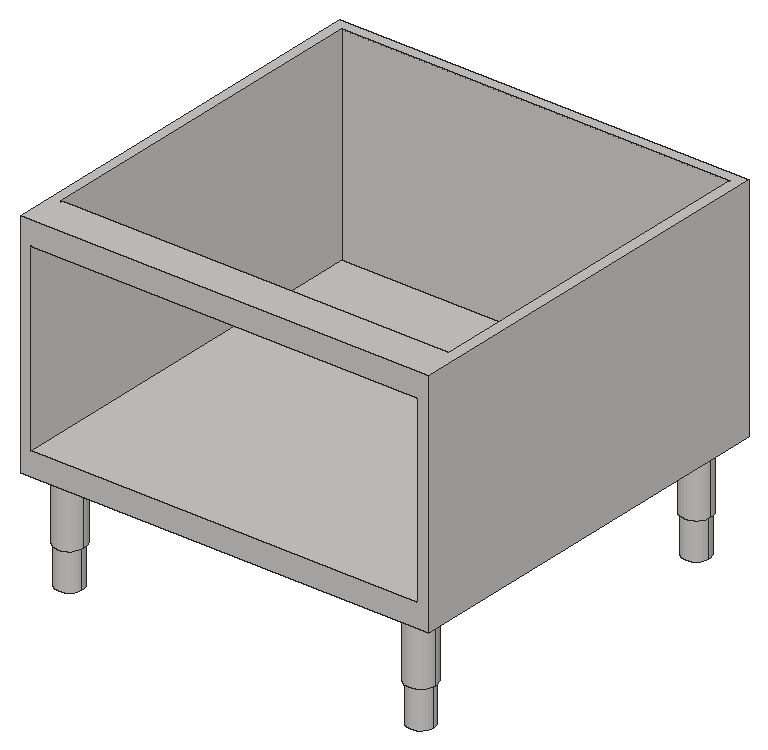
Revit family "QF_ELECTROLUXPROFESSIONAL_391327_E9BAMH00O00", category Specialty Equipment, Revit 2018
Family settings
  Round Connector Dimension = Use Diameter
  Part Type = Normal
  Work Plane-Based = No
  Always vertical = Yes
  Cut with Voids When Loaded = No
  Shared = No
  Room Calculation Point = No
Parameters
  URL = ""
  Model = ""
  Manufacturer = ""
  Direct Waste Size = 0"
  Description = ""
Reference planes
  plane 1 "BACK": y = 0
  plane 2: z = 0
  plane 3 "LEFT": x = 0
  plane 4 "RIGHT": x = 800
  plane 5 "FRONT": y = -930
  plane 6 "TOP": z = 650
  plane 7 "Center Y": x = 400
  plane 8 "Center X": y = -465
  plane 9: z = 900
  plane 10: z = 200
  plane 11: y = -128
  plane 12: y = -802
  plane 13: x = 56
  plane 14: x = 744
Forms (mm)
  Extrusion 1, solid, material "QF_Finishes_Stainless Steel"
    sketch origin (200, -70, 200) x (-1, 0, 0) y (0, 1, 0)
      loop
        line (199.5, -783) -> (199.5, 0) -> (-599.5, 0) -> (-599.5, -783) -> (199.5, -783)
      loop
        circle (-549.5, -633) r 15
    from 0 to -45
  Extrusion 2, solid, material "QF_Finishes_Stainless Steel"
    sketch origin (200, -70, 245) x (-1, 0, 0) y (0, -1, 0)
      loop
        line (199.5, 0) -> (199.5, 783) -> (179.5, 783) -> (179.5, 20) -> (-579.5, 20) -> (-579.5, 783) -> (-599.5, 783) -> (-599.5, 0) -> (199.5, 0)
    from 0 to 405
  Extrusion 3, solid, material "QF_Finishes_Stainless Steel"
    sketch origin (779.5, -853, 245) x (1, 0, 0) y (0, 0, 1)
      loop
        line (0, 405) -> (-759, 405) -> (-759, 360) -> (0, 360) -> (0, 405)
    from 0 to -75
Cuts and joins
  joined: Extrusion 1, Extrusion 2, Extrusion 3
Lines and regions (mm)
  symbolic lines
    curve 1: line (799.5, -70, 914.5) -> (0.5, -70, 914.5)
    curve 2: line (0.5, -70, 914.5) -> (0.5, -853, 914.5)
    curve 3: line (799.5, -853, 914.5) -> (799.5, -70, 914.5)
    curve 4: line (0.5, -853, 914.5) -> (799.5, -853, 914.5)
Dimensions and locks
  equal spacing: plane 3 "LEFT", plane 7 "Center Y", plane 4 "RIGHT"
  plane 3 "LEFT" to plane 4 "RIGHT" = 800 mm
  equal spacing: plane 5 "FRONT", plane 8 "Center X", plane 1 "BACK"
  plane 5 "FRONT" to plane 1 "BACK" = 930 mm
  plane 3 "LEFT" to plane 13 = 56 mm
  plane 14 to plane 4 "RIGHT" = 56 mm
  aligned and locked: level to plane 2
Automatic sketch dimensions
  plane 3 "LEFT" to curve 4 = 0.5 mm
  curve 2 to plane 11 = 58 mm
  plane 4 "RIGHT" to curve 1 = 0.5 mm
  plane 12 to curve 4 = 51 mm
  Extrusion 2 sketch curve to Extrusion 1 = 0 mm  (x3)
  Extrusion 1 to Extrusion 2 sketch curve = 0 mm  (x2)
  Extrusion 2 sketch curve to Extrusion 1 = 20 mm  (x2)
  Extrusion 2 sketch curve to Extrusion 2 sketch curve = 20 mm
  Extrusion 3 sketch curve to Extrusion 2 = 0 mm  (x2)
  Extrusion 2 to Extrusion 3 sketch curve = 45 mm
  Extrusion 3 sketch curve to Extrusion 2 = 759 mm
  plane 4 "RIGHT" to Extrusion 1 sketch curve = 0.5 mm
  plane 3 "LEFT" to Extrusion 1 sketch curve = 0.5 mm
  Extrusion 1 sketch curve to plane 11 = 58 mm
  plane 12 to Extrusion 1 sketch curve = 51 mm
  Extrusion 1 sketch curve to plane 12 = 99 mm
  plane 4 "RIGHT" to Extrusion 1 sketch curve = 50.5 mm
  radius of Extrusion 1 sketch curve = 15 mm
Nested families
  nested 1: "Foot_Ø50_H200" at (56, -802, 0), type "Foot_Ø50_H200"
  nested 2: "Foot_Ø50_H200" at (56, -128, 0), type "Foot_Ø50_H200"
  nested 3: "Foot_Ø50_H200" at (744, -802, 0) x (-1, 0, 0) z (0, 0, 1), type "Foot_Ø50_H200"
  nested 4: "Foot_Ø50_H200" at (744, -128, 0) x (-1, 0, 0) z (0, 0, 1), type "Foot_Ø50_H200"
Definition of nested family "Foot_Ø50_H200"
  Reference planes
    plane 1 "Centro (Fronte/Retro)": y = 0
    plane 2: z = 0
    plane 3 "Centro (Sinistra/Destra)": x = 0
    plane 4: z = 200
  Forms (mm)
    Revolve 1, solid
      sketch origin (255.05, 0, 608.09) x (0, 0, 1) y (-1, 0, 0)
        loop
          line (-608.09, 255.05) -> (-608.09, 230.05) -> (-533.09, 230.05) -> (-533.09, 226.05) -> (-408.09, 226.05) -> (-408.09, 255.05) -> (-608.09, 255.05)
        axis (-608.09, 255.05) -> (-408.09, 255.05)
      angle from 0 to 360
  Dimensions and locks
    locked: Revolve 1 sketch curve to Revolve 1 sketch curve at 125
    aligned and locked: level to plane 2
    aligned and locked: plane 4 to Revolve 1 sketch curve
    aligned and locked: Revolve 1 sketch curve to level
    aligned and locked: plane 3 "Centro (Sinistra/Destra)" to Revolve 1 sketch curve
